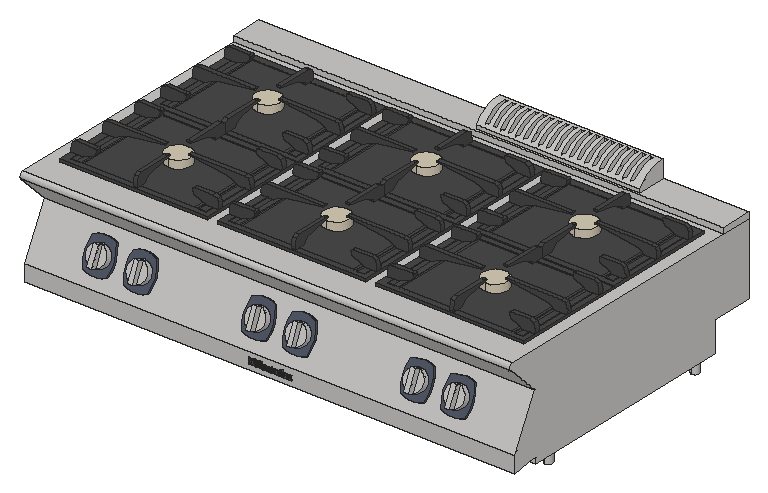
Revit family "QF_ELECTROLUXPROFESSIONAL_371405_E7AANTAOMII", category Attrezzature speciali, Revit 2018 (continued)
Automatic sketch dimensions
  curve 37 to curve 39 = 0 mm
  curve 50 to curve 51 = 0 mm
  curve 41 to curve 43 = 0 mm
  plane 1 "BACK" to curve 45 = 6.761 mm
  plane 1 "BACK" to curve 47 = 6.761 mm
  plane 1 "BACK" to curve 41 = 6.761 mm
  plane 1 "BACK" to curve 51 = 6.761 mm
  plane 1 "BACK" to curve 37 = 6.761 mm
  plane 1 "BACK" to curve 55 = 6.761 mm
  plane 1 "BACK" to curve 33 = 6.761 mm
  plane 1 "BACK" to curve 59 = 6.761 mm
  plane 1 "BACK" to curve 29 = 6.761 mm
  plane 1 "BACK" to curve 63 = 6.761 mm
  plane 1 "BACK" to curve 25 = 6.761 mm
  plane 1 "BACK" to curve 67 = 6.761 mm
  plane 1 "BACK" to curve 21 = 6.761 mm
  plane 1 "BACK" to curve 71 = 6.761 mm
  plane 1 "BACK" to curve 17 = 6.761 mm
  plane 1 "BACK" to curve 75 = 6.761 mm
  plane 1 "BACK" to curve 13 = 6.761 mm
  plane 1 "BACK" to curve 79 = 6.761 mm
  plane 1 "BACK" to curve 89 = 6.761 mm
  plane 1 "BACK" to curve 83 = 6.761 mm
  curve 9 to plane 1 "BACK" = 150 mm
  Extrusion 1 to Extrusion 4 sketch curve = 100 mm
  plane 5 "FRONT" to curve 1 = 0.129 mm
  radius of Extrusion 4 sketch curve = 6.35 mm
  radius of Extrusion 7 sketch curve = 25.4 mm
  radius of Extrusion 8 sketch curve to Extrusion 7 = 0 mm  (x2)
  radius of Extrusion 10 sketch curve = 25.4 mm
  radius of Extrusion 11 sketch curve to Extrusion 10 = 0 mm  (x2)
  radius of Extrusion 14 sketch curve = 25.4 mm
  radius of Extrusion 15 sketch curve to Extrusion 14 = 0 mm  (x2)
  radius of Extrusion 17 sketch curve = 25.4 mm
  radius of Extrusion 18 sketch curve to Extrusion 17 = 0 mm  (x2)
  radius of Extrusion 20 sketch curve = 25.4 mm
  radius of Extrusion 21 sketch curve to Extrusion 20 = 0 mm  (x2)
  radius of Extrusion 23 sketch curve = 25.4 mm
  radius of Extrusion 24 sketch curve to Extrusion 23 = 0 mm  (x2)
Nested families
  nested 1: "371009_BURNER" at (24.358, -6.2, -576.213), type "371009_BURNER"
    with Type Mark "", Status "", Specification by User "", Revision Code "", Item Number "", Installed By "", Identify Quantity as Lot yes, Furnished By "", Foodservice Equipment Identifier yes
  nested 2: "371009_BURNER" at (24.358, -740.327, -576.213), type "371009_BURNER"
    with Type Mark "", Status "", Specification by User "", Revision Code "", Item Number "", Installed By "", Identify Quantity as Lot yes, Furnished By "", Foodservice Equipment Identifier yes
  nested 3: "371009_BURNER" at (412.5, -6.2, -576.213), type "371009_BURNER"
    with Type Mark "", Status "", Specification by User "", Revision Code "", Item Number "", Installed By "", Identify Quantity as Lot yes, Furnished By "", Foodservice Equipment Identifier yes
  nested 4: "371009_BURNER" at (412.5, -740.327, -576.213), type "371009_BURNER"
    with Type Mark "", Status "", Specification by User "", Revision Code "", Item Number "", Installed By "", Identify Quantity as Lot yes, Furnished By "", Foodservice Equipment Identifier yes
  nested 5: "371009_BURNER" at (1175.642, -6.2, -576.213) x (-1, 0, 0) z (0, 0, 1), type "371009_BURNER"
    with Type Mark "", Status "", Specification by User "", Revision Code "", Item Number "", Installed By "", Identify Quantity as Lot yes, Furnished By "", Foodservice Equipment Identifier yes
  nested 6: "371009_BURNER" at (1175.642, -740.327, -576.213) x (-1, 0, 0) z (0, 0, 1), type "371009_BURNER"
    with Type Mark "", Status "", Specification by User "", Revision Code "", Item Number "", Installed By "", Identify Quantity as Lot yes, Furnished By "", Foodservice Equipment Identifier yes
Connectors
  piping at (1100, -76.2, 60.325), diameter 12.8
    settings: on Extrusion 4, index 1, connector inside diameter 0.50394", connector length 0 mm, flow factor 0, pipe flow 0 GPM, pressure drop 0.00 psi, fitting loss kfactor 0, connector angle 0.00°, fixture units 0, engagement length 0 mm, angle of deflection 0.00°, flow configuration 1, flow direction 1, fitting loss method 0, system type 7, joint type 0, gender type 0, connector reference index -1, connector utility 0, adjustable connector no, is connector primary yes, connector description "Gas Inlet"
Definition of nested family "371009_BURNER"
  Parameters
    Weight in Pounds = 0
    URL Cutsheet = ""
    URL = "www.electrolux.com"
    Type Mark [instance] = ""
    Status [instance] = ""
    Specification by User [instance] = ""
    Specification by Manufacturer = ""
    Serial Number = ""
    Seismic Rating = ""
    SMACNA No = ""
    Revision Code [instance] = ""
    Omniclass Number and Title = ""
    NAFEM Spec ID Number = ""
    Model = "371009"
    Masterspec = ""
    Manufacturer = "ELECTROLUX"
    Item Number [instance] = ""
    Installed By [instance] = ""
    Identify Quantity as Lot [instance] = yes
    Furnished By [instance] = ""
    Foodservice Equipment Identifier [instance] = yes
    Description = ""
    CSI MasterFormat = ""
    CSI Master Format = ""
  Reference planes
    plane 1 "BACK": y = 0
    plane 2: z = 0
    plane 3 "LEFT": x = 0
    plane 4 "RIGHT": x = 800
    plane 5 "FRONT": y = -700
    plane 6 "TOP": z = 908.85
    plane 7 "Center Y": x = 400
    plane 8 "Center X": y = -350
    plane 9 "Base": z = 150
    plane 10: z = 850.85
  Forms (mm)
    Extrusion 1, solid
      sketch origin (0, -734.127, 5) x (1, 0, 0) y (0, 0, -1)
        loop
          arc (7.142, -850.85) -> (6.739, -862.989) -> (9.761, -874.752) r 42.809
          line (9.761, -874.752) -> (19.961, -879.425) -> (157.339, -879.425)
          arc (157.339, -879.425) -> (158.533, -878.312) -> (157.506, -877.043) r 1.197
          line (157.506, -877.043) -> (64.848, -864.021)
          arc (64.848, -864.021) -> (50.111, -858.738) -> (36.589, -850.85) r 85.245
          line (36.589, -850.85) -> (7.142, -850.85)
        loop
          line (367.858, -850.85) -> (338.411, -850.85)
          arc (338.411, -850.85) -> (324.889, -858.738) -> (310.152, -864.021) r 85.245
          line (310.152, -864.021) -> (217.494, -877.043)
          arc (217.494, -877.043) -> (216.467, -878.312) -> (217.661, -879.425) r 1.197
          line (217.661, -879.425) -> (355.039, -879.425) -> (365.239, -874.752)
          arc (365.239, -874.752) -> (368.261, -862.989) -> (367.858, -850.85) r 42.809
      from 224.564 to 234.564
    Extrusion 2, solid
      sketch origin (0, -734.127, 5) x (1, 0, 0) y (0, 0, -1)
        loop
          arc (7.056, -850.85) -> (6.705, -862.948) -> (9.748, -874.663) r 42.876
          line (9.748, -874.663) -> (19.961, -879.425) -> (65.851, -879.425)
          arc (65.851, -879.425) -> (68.577, -878.352) -> (69.841, -875.709) r 4
          arc (69.841, -875.709) -> (68.75, -869.25) -> (64.816, -864.012) r 13.87
          arc (64.816, -864.012) -> (50.096, -858.731) -> (36.589, -850.85) r 85.245
          line (36.589, -850.85) -> (7.056, -850.85)
        loop
          line (367.944, -850.85) -> (338.411, -850.85)
          arc (338.411, -850.85) -> (324.904, -858.731) -> (310.184, -864.012) r 85.245
          arc (310.184, -864.012) -> (306.25, -869.25) -> (305.159, -875.709) r 13.87
          arc (305.159, -875.709) -> (306.423, -878.352) -> (309.149, -879.425) r 4
          line (309.149, -879.425) -> (355.039, -879.425) -> (365.252, -874.663)
          arc (365.252, -874.663) -> (368.295, -862.948) -> (367.944, -850.85) r 42.876
      from 127.064 to 137.064
    Extrusion 3, solid
      sketch origin (0, -275, 5) x (1, 0, 0) y (0, 0, 1)
        loop
          arc (64.816, 864.012) -> (68.75, 869.25) -> (69.841, 875.709) r 13.87
          arc (69.841, 875.709) -> (68.577, 878.352) -> (65.851, 879.425) r 4
          line (65.851, 879.425) -> (19.961, 879.425) -> (9.748, 874.663)
          arc (9.748, 874.663) -> (6.705, 862.948) -> (7.056, 850.85) r 42.876
          line (7.056, 850.85) -> (36.589, 850.85)
          arc (36.589, 850.85) -> (50.096, 858.731) -> (64.816, 864.012) r 85.245
        loop
          arc (310.184, 864.012) -> (324.904, 858.731) -> (338.411, 850.85) r 85.245
          line (338.411, 850.85) -> (367.944, 850.85)
          arc (367.944, 850.85) -> (368.295, 862.948) -> (365.252, 874.663) r 42.876
          line (365.252, 874.663) -> (355.039, 879.425) -> (309.149, 879.425)
          arc (309.149, 879.425) -> (306.423, 878.352) -> (305.159, 875.709) r 4
          arc (305.159, 875.709) -> (306.25, 869.25) -> (310.184, 864.012) r 13.87
      from 127.064 to 137.064
    Extrusion 4, solid
      sketch origin (454.964, -29.48, 5) x (0, -1, 0) y (0, 0, 1)
        loop
          arc (366.649, 850.85) -> (375.927, 861.743) -> (389.337, 866.736) r 28.426
          line (389.337, 866.736) -> (441.256, 877.043)
          arc (441.256, 877.043) -> (442.283, 878.312) -> (441.089, 879.425) r 1.197
          line (441.089, 879.425) -> (347.797, 879.425)
          arc (347.797, 879.425) -> (343.211, 875.934) -> (337.583, 874.694) r 13.39
          line (337.583, 874.694) -> (337.583, 850.85) -> (366.649, 850.85)
        loop
          arc (606.236, 850.85) -> (606.587, 862.948) -> (603.543, 874.663) r 42.876
          line (603.543, 874.663) -> (593.33, 879.425) -> (509.077, 879.425)
          arc (509.077, 879.425) -> (507.883, 878.312) -> (508.911, 877.043) r 1.197
          line (508.911, 877.043) -> (560.83, 866.736)
          arc (560.83, 866.736) -> (574.239, 861.743) -> (583.518, 850.85) r 28.426
          line (583.518, 850.85) -> (606.236, 850.85)
      from 262.464 to 272.464
    Extrusion 5, solid
      sketch origin (0, 0, 850.85) x (0, -1, 0) y (1, 0, 0)
        loop
          line (642.216, 6.433) -> (642.216, 368.567) -> (367.857, 368.567) -> (367.857, 6.433) -> (642.216, 6.433)
        loop
          line (382.857, 21.433) -> (627.216, 21.433) -> (627.216, 353.567) -> (382.857, 353.567) -> (382.857, 21.433)
      from 0 to 5
    Extrusion 6, solid
      sketch origin (-12.5, 0, 855.85) x (0, -1, 0) y (1, 0, 0)
        loop
          circle (504.356, 200) r 30
      from -1.321 to 17.134
    Extrusion 7, solid
      sketch origin (0, -734.127, 0) x (1, 0, 0) y (0, 0, -1)
        loop
          line (21.433, -855.85) -> (36.589, -855.85)
          arc (36.589, -855.85) -> (40.561, -855.243) -> (44.305, -853.783) r 18.259
          arc (44.305, -853.783) -> (45.997, -853.366) -> (47.69, -853.783) r 3.649
          arc (47.69, -853.783) -> (49.901, -854.522) -> (52.232, -854.529) r 7.328
          line (52.232, -854.529) -> (322.768, -854.529)
          arc (322.768, -854.529) -> (325.099, -854.522) -> (327.31, -853.783) r 7.328
          arc (327.31, -853.783) -> (329.003, -853.366) -> (330.695, -853.783) r 3.649
          arc (330.695, -853.783) -> (334.439, -855.243) -> (338.411, -855.85) r 18.259
          line (338.411, -855.85) -> (353.567, -855.85) -> (353.567, -850.85) -> (21.433, -850.85) -> (21.433, -855.85)
      from 106.911 to 351.27
  Lines and regions (mm)
    symbolic lines
      curve 1: line (6.433, -642.216, 150) -> (368.567, -642.216, 150)
      curve 2: line (6.433, -367.857, 150) -> (6.433, -642.216, 150)
      curve 3: line (368.567, -367.857, 150) -> (192.5, -367.857, 150)
      curve 4: line (368.567, -642.216, 150) -> (368.567, -367.857, 150)
      curve 5: line (353.567, -382.857, 150) -> (192.5, -382.857, 150)
      curve 6: line (353.567, -627.216, 150) -> (353.567, -607.064, 150)
      curve 7: line (21.433, -627.216, 150) -> (182.5, -627.216, 150)
      curve 8: line (21.433, -382.857, 150) -> (21.433, -402.064, 150)
      curve 9: line (52.232, -627.216, 150) -> (52.232, -607.064, 150)
      curve 10: line (322.567, -382.857, 150) -> (322.567, -402.064, 150)
      curve 11: line (148.125, -499.564, 150) -> (148.125, -382.857, 150)
      curve 12: line (154.375, -382.857, 150) -> (154.375, -499.564, 150)
      curve 13: arc (148.297, -509.564, 150) -> (159.191, -533.254, 150) -> (182.5, -544.942, 150) r 39.375
      curve 14: arc (220.42, -509.564, 150) -> (211.39, -528.832, 150) -> (192.5, -538.631, 150) r 33.125
      curve 15: line (220.625, -382.857, 150) -> (220.625, -499.564, 150)
      curve 16: line (226.875, -499.564, 150) -> (226.875, -382.857, 150)
      curve 17: line (192.5, -636.339, 150) -> (192.5, -535.619, 150)
      curve 18: arc (182.657, -474.75, 150) -> (166.195, -483.236, 150) -> (157.853, -499.771, 150) r 30
      curve 19: arc (192.224, -533.982, 150) -> (208.621, -525.661, 150) -> (217.084, -509.337, 150) r 30
      curve 20: line (368.567, -597.064, 150) -> (305.159, -597.064, 150)
      curve 21: line (6.433, -607.064, 150) -> (69.841, -607.064, 150)
      curve 22: line (6.433, -509.564, 150) -> (156.429, -509.564, 150)
      curve 23: line (368.567, -499.564, 150) -> (218.571, -499.564, 150)
      curve 24: line (6.433, -412.064, 150) -> (69.841, -412.064, 150)
      curve 25: line (368.567, -402.064, 150) -> (305.159, -402.064, 150)
      curve 26: line (69.841, -597.064, 150) -> (6.433, -597.064, 150)
      curve 27: line (305.159, -607.064, 150) -> (368.567, -607.064, 150)
      curve 28: line (69.841, -402.064, 150) -> (6.433, -402.064, 150)
      curve 29: line (305.159, -412.064, 150) -> (368.567, -412.064, 150)
      curve 30: arc (69.841, -597.064, 150) -> (74.841, -602.064, 150) -> (69.841, -607.064, 150) r 5
      curve 31: arc (305.159, -607.064, 150) -> (300.159, -602.064, 150) -> (305.159, -597.064, 150) r 5
      curve 32: arc (69.841, -402.064, 150) -> (74.841, -407.064, 150) -> (69.841, -412.064, 150) r 5
      curve 33: arc (305.159, -412.064, 150) -> (300.159, -407.064, 150) -> (305.159, -402.064, 150) r 5
      curve 34: line (21.433, -412.064, 150) -> (21.433, -499.564, 150)
      curve 35: line (52.232, -402.064, 150) -> (52.232, -382.857, 150)
      curve 36: line (21.433, -509.564, 150) -> (21.433, -597.064, 150)
      curve 37: line (52.232, -499.564, 150) -> (52.232, -412.064, 150)
      curve 38: line (52.232, -597.064, 150) -> (52.232, -509.564, 150)
      curve 39: line (21.433, -607.064, 150) -> (21.433, -627.216, 150)
      curve 40: line (322.567, -607.064, 150) -> (322.567, -627.216, 150)
      curve 41: line (353.567, -597.064, 150) -> (353.567, -509.564, 150)
      curve 42: line (322.567, -509.564, 150) -> (322.567, -597.064, 150)
      curve 43: line (353.567, -499.564, 150) -> (353.567, -412.064, 150)
      curve 44: line (353.567, -402.064, 150) -> (353.567, -382.857, 150)
      curve 45: line (322.567, -412.064, 150) -> (322.567, -499.564, 150)
      curve 46: line (156.429, -499.564, 150) -> (6.433, -499.564, 150)
      curve 47: line (218.571, -509.564, 150) -> (368.567, -509.564, 150)
      curve 48: arc (218.571, -499.564, 150) -> (213.571, -504.564, 150) -> (218.571, -509.564, 150) r 5
      curve 49: arc (156.429, -499.564, 150) -> (161.429, -504.564, 150) -> (156.429, -509.564, 150) r 5
      curve 50: arc (157.916, -509.337, 150) -> (166.379, -525.661, 150) -> (182.776, -533.982, 150) r 30
      curve 51: arc (217.147, -499.771, 150) -> (208.805, -483.236, 150) -> (192.343, -474.75, 150) r 30
      curve 52: line (182.5, -535.619, 150) -> (182.5, -636.339, 150)
      curve 53: line (192.5, -473.508, 150) -> (192.5, -367.064, 150)
      curve 54: arc (192.5, -535.619, 150) -> (187.5, -530.619, 150) -> (182.5, -535.619, 150) r 5
      curve 55: arc (192.5, -473.508, 150) -> (187.5, -478.508, 150) -> (182.5, -473.508, 150) r 5
      curve 56: line (182.5, -367.857, 150) -> (6.433, -367.857, 150)
      curve 57: line (182.5, -382.857, 150) -> (21.433, -382.857, 150)
      curve 58: arc (192.5, -404.571, 150) -> (196.398, -417.071, 150) -> (192.5, -429.571, 150) r 21.993
      curve 59: arc (196.181, -420.148, 150) -> (199.482, -417.071, 150) -> (196.181, -413.995, 150) r 3.084
      curve 60: arc (182.5, -404.571, 150) -> (178.602, -417.071, 150) -> (182.5, -429.571, 150) r 21.993
      curve 61: arc (178.819, -420.148, 150) -> (175.518, -417.071, 150) -> (178.819, -413.995, 150) r 3.084
      curve 62: line (182.5, -367.064, 150) -> (182.5, -473.508, 150)
      curve 63: arc (182.5, -538.631, 150) -> (163.61, -528.832, 150) -> (154.58, -509.564, 150) r 33.125
      curve 64: arc (192.5, -544.942, 150) -> (215.809, -533.254, 150) -> (226.703, -509.564, 150) r 39.375
      curve 65: line (182.5, -636.339, 150) -> (192.5, -636.339, 150)
      curve 66: line (182.5, -377.277, 150) -> (192.5, -377.277, 150)
      curve 67: line (182.5, -367.064, 150) -> (192.5, -367.064, 150)
      curve 68: line (192.5, -627.216, 150) -> (353.567, -627.216, 150)
  Dimensions and locks
    equal spacing: plane 3 "LEFT", plane 7 "Center Y", plane 4 "RIGHT"
    plane 3 "LEFT" to plane 4 "RIGHT" = 800 mm
    equal spacing: plane 5 "FRONT", plane 8 "Center X", plane 1 "BACK"
    plane 5 "FRONT" to plane 1 "BACK" = 700 mm
    plane 6 "TOP" to level = 908.85 mm
    plane 9 "Base" to level = 150 mm
    plane 6 "TOP" to plane 10 = 58 mm  (x2)
    aligned and locked: level to plane 2
  Automatic sketch dimensions
    Extrusion 5 sketch curve to Extrusion 5 sketch curve = 15 mm  (x2)
    Extrusion 5 sketch curve to Extrusion 5 sketch curve = 332.134 mm
    plane 3 "LEFT" to Extrusion 2 sketch curve = 7.056 mm
    plane 3 "LEFT" to Extrusion 2 sketch curve = 9.748 mm
    Extrusion 2 sketch curve to Extrusion 2 sketch curve = 10.213 mm  (x2)
    plane 10 to Extrusion 2 sketch curve = 5 mm  (x2)
    Extrusion 2 sketch curve to Extrusion 2 sketch curve = 29.533 mm
    Extrusion 2 sketch curve to Extrusion 2 sketch curve = 12.72 mm  (x2)
    Extrusion 2 sketch curve to Extrusion 2 sketch curve = 6.697 mm
    Extrusion 2 sketch curve to Extrusion 2 sketch curve = 8.81 mm
    Extrusion 2 sketch curve to Extrusion 2 sketch curve = 9.845 mm  (x2)
    Extrusion 2 sketch curve to Extrusion 2 sketch curve = 3.99 mm  (x2)
    Extrusion 2 sketch curve to Extrusion 2 sketch curve = 0 mm  (x2)
    Extrusion 2 sketch curve to Extrusion 2 sketch curve = 36.813 mm
    Extrusion 2 sketch curve to plane 7 "Center Y" = 111.122 mm
    Extrusion 2 sketch curve to plane 6 "TOP" = 28.141 mm
    Extrusion 2 sketch curve to plane 7 "Center Y" = 94.841 mm
    Extrusion 2 sketch curve to Extrusion 2 sketch curve = 1.035 mm
    Extrusion 2 sketch curve to Extrusion 2 sketch curve = 15.507 mm
    Extrusion 2 sketch curve to Extrusion 2 sketch curve = 16.628 mm
    Extrusion 2 sketch curve to Extrusion 2 sketch curve = 2.692 mm
    Extrusion 2 sketch curve to plane 6 "TOP" = 24.425 mm
    Extrusion 2 sketch curve to Extrusion 2 sketch curve = 28.575 mm
    Extrusion 2 sketch curve to Extrusion 2 sketch curve = 3.716 mm
    Extrusion 2 sketch curve to Extrusion 2 sketch curve = 4.763 mm  (x2)
    plane 3 "LEFT" to Extrusion 1 sketch curve = 7.142 mm
    plane 3 "LEFT" to Extrusion 1 sketch curve = 9.761 mm
    Extrusion 1 sketch curve to Extrusion 1 sketch curve = 10.201 mm  (x2)
    plane 10 to Extrusion 1 sketch curve = 5 mm  (x2)
    Extrusion 1 sketch curve to Extrusion 1 sketch curve = 29.447 mm
    Extrusion 1 sketch curve to Extrusion 1 sketch curve = 12.704 mm  (x2)
    Extrusion 1 sketch curve to Extrusion 1 sketch curve = 15.555 mm  (x2)
    Extrusion 1 sketch curve to Extrusion 1 sketch curve = 36.829 mm
    Extrusion 1 sketch curve to plane 6 "TOP" = 24.425 mm  (x2)
    Extrusion 1 sketch curve to Extrusion 1 sketch curve = 92.491 mm
    Extrusion 1 sketch curve to plane 6 "TOP" = 26.807 mm  (x2)
    Extrusion 1 sketch curve to Extrusion 1 sketch curve = 0.167 mm  (x2)
    Extrusion 1 sketch curve to Extrusion 1 sketch curve = 59.988 mm
    Extrusion 1 sketch curve to plane 7 "Center Y" = 111.122 mm
    plane 10 to Extrusion 1 sketch curve = 18.171 mm
    Extrusion 1 sketch curve to Extrusion 1 sketch curve = 21.274 mm
    Extrusion 1 sketch curve to Extrusion 1 sketch curve = 16.628 mm
    Extrusion 1 sketch curve to Extrusion 1 sketch curve = 2.618 mm
    Extrusion 1 sketch curve to Extrusion 1 sketch curve = 4.673 mm  (x2)
    Extrusion 1 sketch curve to Extrusion 1 sketch curve = 5.694 mm
    plane 3 "LEFT" to Extrusion 3 sketch curve = 7.056 mm
    plane 3 "LEFT" to Extrusion 3 sketch curve = 9.748 mm
    Extrusion 3 sketch curve to Extrusion 3 sketch curve = 10.213 mm  (x2)
    plane 10 to Extrusion 3 sketch curve = 5 mm  (x2)
    Extrusion 3 sketch curve to Extrusion 3 sketch curve = 29.533 mm
    Extrusion 3 sketch curve to Extrusion 3 sketch curve = 12.72 mm  (x2)
    Extrusion 3 sketch curve to Extrusion 3 sketch curve = 6.697 mm
    Extrusion 3 sketch curve to Extrusion 3 sketch curve = 8.81 mm
    Extrusion 3 sketch curve to Extrusion 3 sketch curve = 9.845 mm  (x2)
    Extrusion 3 sketch curve to Extrusion 3 sketch curve = 3.99 mm  (x2)
    Extrusion 3 sketch curve to Extrusion 3 sketch curve = 0 mm  (x2)
    Extrusion 3 sketch curve to Extrusion 3 sketch curve = 36.813 mm
    Extrusion 3 sketch curve to plane 7 "Center Y" = 111.122 mm
    Extrusion 3 sketch curve to plane 6 "TOP" = 28.141 mm
    Extrusion 3 sketch curve to plane 7 "Center Y" = 94.841 mm
    Extrusion 3 sketch curve to Extrusion 3 sketch curve = 1.035 mm
    Extrusion 3 sketch curve to Extrusion 3 sketch curve = 15.507 mm
    Extrusion 3 sketch curve to Extrusion 3 sketch curve = 16.628 mm
    Extrusion 3 sketch curve to Extrusion 3 sketch curve = 2.692 mm
    Extrusion 3 sketch curve to plane 10 = 64.377 mm  (x2)
    plane 10 to Extrusion 3 sketch curve = 12.281 mm  (x2)
    Extrusion 3 sketch curve to Extrusion 3 sketch curve = 10.713 mm
    Extrusion 5 to Extrusion 6 sketch curve = 121.499 mm
    Extrusion 5 to Extrusion 6 sketch curve = 166.067 mm
    plane 3 "LEFT" to Extrusion 5 sketch curve = 21.433 mm
    Extrusion 5 sketch curve to plane 5 "FRONT" = 72.784 mm
    plane 3 "LEFT" to Extrusion 7 sketch curve = 21.433 mm
    Extrusion 7 sketch curve to Extrusion 7 sketch curve = 14.402 mm
    plane 10 to Extrusion 7 sketch curve = 5 mm
    plane 10 to Extrusion 7 sketch curve = 2.933 mm  (x4)
    Extrusion 7 sketch curve to Extrusion 7 sketch curve = 7.716 mm  (x2)
    Extrusion 7 sketch curve to Extrusion 7 sketch curve = 0 mm  (x2)
    Extrusion 7 sketch curve to Extrusion 7 sketch curve = 1.692 mm  (x2)
    Extrusion 7 sketch curve to Extrusion 7 sketch curve = 3.385 mm  (x2)
    Extrusion 7 sketch curve to plane 10 = 3.559 mm  (x2)
    Extrusion 7 sketch curve to Extrusion 7 sketch curve = 302.478 mm
    Extrusion 7 sketch curve to Extrusion 7 sketch curve = 15.253 mm
    Extrusion 7 sketch curve to Extrusion 7 sketch curve = 15.156 mm  (x2)
    Extrusion 7 sketch curve to Extrusion 7 sketch curve = 3.233 mm
    Extrusion 7 sketch curve to plane 10 = 0 mm
    Extrusion 7 sketch curve to plane 7 "Center Y" = 77.232 mm
    Extrusion 5 sketch curve to plane 8 "Center X" = 32.857 mm
    plane 3 "LEFT" to Extrusion 5 sketch curve = 6.433 mm
    plane 1 "BACK" to Extrusion 5 sketch curve = 367.857 mm
    plane 10 to Extrusion 4 sketch curve = 5 mm  (x2)
    Extrusion 4 sketch curve to Extrusion 4 sketch curve = 29.066 mm
    Extrusion 4 sketch curve to Extrusion 4 sketch curve = 22.688 mm
    Extrusion 4 sketch curve to plane 10 = 7.392 mm  (x2)
    Extrusion 4 sketch curve to Extrusion 4 sketch curve = 25.583 mm
    Extrusion 4 sketch curve to plane 6 "TOP" = 24.425 mm  (x2)
    Extrusion 4 sketch curve to Extrusion 4 sketch curve = 51.752 mm
    Extrusion 4 sketch curve to Extrusion 4 sketch curve = 0.167 mm  (x2)
    Extrusion 4 sketch curve to plane 6 "TOP" = 26.807 mm
    Extrusion 4 sketch curve to Extrusion 4 sketch curve = 67.655 mm
    Extrusion 4 sketch curve to Extrusion 4 sketch curve = 49.024 mm
    Extrusion 4 sketch curve to Extrusion 4 sketch curve = 2.895 mm
    Extrusion 4 sketch curve to Extrusion 4 sketch curve = 3.153 mm
    Extrusion 4 sketch curve to Extrusion 4 sketch curve = 19.535 mm
    Extrusion 4 sketch curve to Extrusion 4 sketch curve = 9.813 mm
    Extrusion 4 sketch curve to Extrusion 4 sketch curve = 10.213 mm
    Extrusion 4 sketch curve to Extrusion 4 sketch curve = 22.718 mm
    Extrusion 4 sketch curve to Extrusion 4 sketch curve = 8.605 mm
    Extrusion 4 sketch curve to Extrusion 4 sketch curve = 4.731 mm
    Extrusion 4 sketch curve to Extrusion 4 sketch curve = 2.382 mm
    Extrusion 4 sketch curve to Extrusion 4 sketch curve = 8.658 mm
    Extrusion 4 sketch curve to plane 8 "Center X" = 17.064 mm
    curve 13 to curve 14 = 0 mm  (x2)
    curve 13 to curve 63 = 0 mm  (x2)
    curve 13 to curve 64 = 0 mm  (x2)
    curve 18 to curve 19 = 0 mm  (x2)
    curve 18 to curve 50 = 0 mm  (x2)
    curve 18 to curve 51 = 0 mm  (x2)
    curve 25 to plane 7 "Center Y" = 31.433 mm
    curve 3 to curve 44 = 15 mm
    curve 43 to curve 44 = 0 mm
    curve 1 to curve 68 = 15 mm
    curve 41 to curve 43 = 0 mm
    curve 6 to curve 40 = 31 mm
    curve 41 to curve 42 = 31 mm
    curve 43 to curve 45 = 31 mm
    curve 10 to curve 45 = 0 mm
    curve 40 to curve 27 = 17.408 mm
    curve 45 to curve 29 = 17.408 mm
    curve 16 to curve 64 = 0.172 mm
    curve 16 to curve 15 = 6.25 mm
    curve 64 to curve 14 = 6.283 mm
    curve 15 to curve 23 = 2.054 mm
    curve 23 to curve 51 = 1.424 mm
    curve 47 to curve 19 = 1.487 mm
    curve 15 to curve 60 = 20.029 mm
    curve 60 to curve 59 = 4.198 mm
    curve 59 to curve 59 = 0.216 mm  (x2)
    curve 19 to curve 64 = 24.584 mm
    curve 55 to curve 51 = 0.157 mm
    curve 54 to curve 19 = 0.276 mm
    curve 19 to curve 64 = 4.724 mm
    curve 18 to curve 13 = 0 mm
    curve 54 to curve 54 = 5 mm
    curve 50 to curve 54 = 0.276 mm
    curve 18 to curve 55 = 0.157 mm
    curve 60 to curve 61 = 3.681 mm
    curve 61 to curve 61 = 0 mm
    curve 61 to curve 61 = 0.216 mm
    curve 61 to curve 58 = 4.198 mm
    curve 13 to curve 50 = 29.584 mm
    curve 50 to curve 18 = 0.064 mm
    curve 50 to curve 22 = 1.487 mm
    curve 22 to curve 63 = 1.849 mm
    curve 49 to curve 12 = 2.054 mm
    curve 63 to curve 13 = 6.283 mm
    curve 12 to curve 11 = 6.25 mm
    plane 3 "LEFT" to curve 30 = 69.841 mm
    plane 3 "LEFT" to curve 28 = 69.841 mm
    plane 3 "LEFT" to curve 38 = 52.232 mm
    curve 24 to curve 37 = 17.609 mm
    curve 9 to curve 38 = 0 mm
    curve 28 to curve 35 = 17.609 mm
    plane 3 "LEFT" to curve 39 = 21.433 mm
    plane 3 "LEFT" to curve 8 = 21.433 mm
    curve 34 to curve 8 = 0 mm
    curve 36 to curve 34 = 0 mm
    plane 3 "LEFT" to curve 21 = 6.433 mm
    curve 67 to curve 56 = 0.794 mm
    curve 67 to curve 3 = 0.794 mm
    curve 56 to curve 66 = 9.419 mm
    curve 10 to curve 33 = 19.206 mm
    curve 8 to curve 8 = 19.206 mm
    curve 57 to curve 60 = 21.714 mm
    curve 60 to curve 58 = 0 mm
    curve 28 to curve 32 = 5 mm
    curve 33 to curve 33 = 5 mm
    curve 58 to curve 59 = 9.423 mm
    curve 61 to curve 58 = 3.077 mm
    curve 60 to curve 62 = 43.937 mm
    curve 51 to curve 15 = 24.814 mm
    curve 23 to curve 51 = 0.207 mm
    curve 18 to curve 13 = 1.529 mm
    curve 38 to curve 38 = 87.5 mm
    curve 42 to curve 31 = 87.5 mm
    curve 26 to curve 30 = 5 mm
    curve 31 to curve 31 = 5 mm
    curve 9 to curve 9 = 20.152 mm
    curve 65 to plane 5 "FRONT" = 63.661 mm
    curve 6 to curve 4 = 15 mm
    curve 55 to curve 55 = 5 mm
    curve 53 to curve 18 = 5 mm
    curve 45 to curve 16 = 95.692 mm
    curve 2 to curve 57 = 15 mm
    curve 10 to plane 8 "Center X" = 32.857 mm
    curve 57 to plane 8 "Center X" = 32.857 mm
    curve 6 to curve 68 = 20.152 mm
    radius of Extrusion 6 sketch curve = 30 mm
Types (2, lengths in mm): name | URL | Modello | Produttore | Gas Size | Descrizione
  (no name) | "www.electrolux.com" | "371004" | "ELECTROLUX" | 0" | "700XP 6-Burner Gas Boiling Top"
  Standard | "https://www.electroluxprofessional.com/" | "E7AANTAOMII" | "Electrolux Professional" | 1/2" | "6-BURNER GAS BOILING TOP 1200MM - QMARK"
